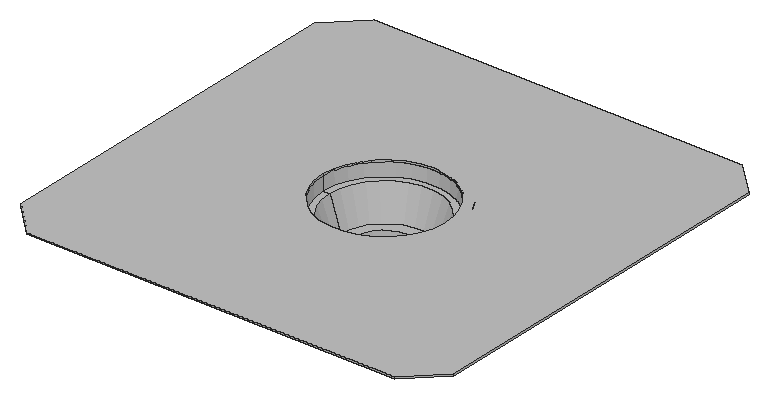
Revit family "482062001(1)", category Generic Models, host Floor, Revit 2019
Family settings
  Host = Floor
  Can host rebar = No
  Always vertical = Yes
  Cut with Voids When Loaded = No
  Shared = Yes
  Room Calculation Point = No
Parameters (values of type "482062001")
  SUPPLIER = "KOERO"
  NT = "Balcony transit and drain wastes"
  NN = "PLUVETTA®MET LODEN SLAB"
  NBSYN = "$CNSORDERNO.($LODLEVEL.)"
  NB = "482062001(1)"
  Model = "482062001"
  Manufacturer = "KOERO"
  MIdent = "{$CADENAS_DATA/23d-libs/koero/pluvetta/pluvetta_met_loden_slab.prj},194 {VTYP=3D},{NB=482062001(1)},{LINA=482062001},{NN=PLUVETTA®MET LODEN SLAB},{DATE=23.04.2020 08:29:08},{GEOMDATE=22.04.2020 12:13:00},{VERSION=},{LINEID=60},{WBVAR=LODLEVEL},{WBNUMERIC=LODLEVEL}  {NB=482062001(1)},{LINA=482062001},{KT=DUMMY},{CNSORDERNO=482062001},{LODLEVEL=1},{BEZ=Zonder rooster, met loodslab 33 x 33cm, 18 ponds (=ca. 1,6 mm dik), Stortkoker Ø 90 mm},{D=108},{D1=94},{D2=0},{H=0},{H1=95},{INFO=PDF Catalog},{HTML=Product page},{INFOPAGE=pluvetta_90},{INFOPATH=pluvetta_90_nl.pdf},{HTML1=https://debeer-sanitair.nl/maattekeningen/pluvetta/},{S=60.0},{VER=1},{X=3},{H2=10}"
  LODLEVEL = "300"
  LINA = "482062001"
  INFO = "PDF Catalog"
  HTML = "Product page"
  H1 = 95 mm
  H = 0 mm
  Description = "Balcony transit and drain wastes"
  D2 = 0 mm
  D1 = 94 mm
  D = 108 mm
  CREATOR = "CADENAS GmbH"
  CNSORDERNO = "482062001"
  CATALOG = "König & Ronneberger"
  BOMINFO = "LINA"
  BEZ = "Zonder rooster, met loodslab 33 x 33cm, 18 ponds (=ca. 1,6 mm dik), Stortkoker Ø 90 mm"
  ARTICLENO = "NB"
Reference planes
  plane 1 "Center (Front/Back)": y = 0
  plane 2: z = 0
  plane 3 "Center (Left/Right)": x = 0
Forms (mm)
  Extrusion 1, void
    sketch origin (0, 0, -95) x (-1, 0, 0) y (0, -1, 0)
      loop
        line (-0.5, -0.5) -> (0.5, -0.5) -> (0.5, 0.5) -> (-0.5, 0.5) -> (-0.5, -0.5)
    from 0 to 1
  Extrusion 2, void
    sketch origin (-81.489, 0, -85.924) x (0.017452, 0, -0.999848) y (0, 1, 0)
      loop
        line (-0.5, -0.5) -> (0.5, -0.5) -> (0.5, 0.5) -> (-0.5, 0.5) -> (-0.5, -0.5)
    from 0 to 1
Dimensions and locks
  locked: Extrusion 1 to plane 2 at 94
  locked: Extrusion 1 to plane 2 at 95
  aligned and locked: level to plane 2
Nested families
  nested 1: "482062001(1)_content" at (0, 0, 0), type "482062001(1)_Content"
Connectors
  hvac at (0, 0, 0)
    settings: on host floor, index 1, duct flow 0.0 L/s, flow factor 0, pres drop 0.0 Pa, loss coef 0, conn angle 0.00°, conn width 304.8 mm, conn height 304.8 mm, conn diameter 94 mm, duct sys type 29, conn prof type 0, flow config 0, flow direction 1, loss method 0, conn ref index -1, conn util no, is conn primary yes, conn desc ""
  hvac at (0, 0, -95)
    settings: on Extrusion 1, index 2, duct flow 0.0 L/s, flow factor 0, pres drop 0.0 Pa, loss coef 0, conn angle 0.00°, conn width 304.8 mm, conn height 304.8 mm, conn diameter 60 mm, duct sys type 29, conn prof type 0, flow config 0, flow direction 2, loss method 0, conn ref index -1, conn util no, is conn primary no, conn desc ""
  hvac at (-81.489, 0, -85.924)
    settings: on Extrusion 2, index 3, duct flow 0.0 L/s, flow factor 0, pres drop 0.0 Pa, loss coef 0, conn angle 0.00°, conn width 304.8 mm, conn height 304.8 mm, conn diameter 0 mm, duct sys type 29, conn prof type 0, flow config 0, flow direction 2, loss method 0, conn ref index -1, conn util no, is conn primary no, conn desc ""
Definition of nested family "482062001(1)_content"
  Parameters (values of type "482062001(1)_Content")
    SUPPLIER = "KOERO"
    NT = "Balcony transit and drain wastes"
    NN = "PLUVETTA®MET LODEN SLAB"
    NBSYN = "$CNSORDERNO.($LODLEVEL.)"
    NB = "482062001(1)"
    Model = "482062001"
    Manufacturer = "KOERO"
    LODLEVEL = "300"
    LINA = "482062001"
    INFO = "PDF Catalog"
    HTML = "Product page"
    H1 = 95 mm
    H = 0 mm
    Description = "Balcony transit and drain wastes"
    Default Elevation = 1219.2 mm
    D2 = 0 mm
    D1 = 94 mm
    D = 108 mm
    CREATOR = "CADENAS GmbH"
    CNSORDERNO = "482062001"
    CATALOG = "König & Ronneberger"
    BOMINFO = "LINA"
    BEZ = "Zonder rooster, met loodslab 33 x 33cm, 18 ponds (=ca. 1,6 mm dik), Stortkoker Ø 90 mm"
    ARTICLENO = "NB"
  Reference planes
    plane 1 "Center (Front/Back)": y = 0
    plane 2: z = 0
    plane 3 "Center (Left/Right)": x = 0
  Forms (mm)
    Revolve 1, solid, detail levels medium+fine
      sketch origin (0, 0, 0) x (-1, 0, 0) y (0, 0, -1)
        loop
          line (-54, 6) -> (-54, 0) -> (-47, 0) -> (-46.5, 10) -> (-41.5, 10) -> (-33.35, 34.45) -> (-25, 34.45) -> (-21, 95) -> (-24, 95) -> (-27.633, 40) -> (-39, 40) -> (-43, 37) -> (-42.5, 30) -> (-44, 30) -> (-44, 28) -> (-41, 25) -> (-44, 16) -> (-53, 15) -> (-53, 13) -> (-50, 10) -> (-50, 6) -> (-54, 6)
        axis (0, 95) -> (0, 0)
      angle from -360 to 0
    Extrusion 2, solid, detail levels medium+fine
      sketch origin (0, 0, 0) x (-1, 0, 0) y (0, -1, 0)
        loop
          line (-165, -140.251) -> (-140.251, -165) -> (140.251, -165) -> (165, -140.251) -> (165, 140.251) -> (140.251, 165) -> (-140.251, 165) -> (-165, 140.251) -> (-165, -140.251)
        loop
          circle (0, 0) r 47
      from 0 to 5
    Extrusion 3, void, detail levels medium+fine
      sketch origin (0, 0, 0) x (-1, 0, 0) y (0, 0, -1)
        loop
          line (-170, -11.3) -> (170, -11.3) -> (170, -1.3) -> (-170, -1.3) -> (-170, -11.3)
      from -170 to 170
    Extrusion 4, solid, detail levels coarse
      sketch origin (0, 0, -95) x (1, 0, 0) y (0, 1, 0)
        loop
          line (-165, -165) -> (165, -165) -> (165, 165) -> (-165, 165) -> (-165, -165)
      from 0 to 96.3
  Cuts and joins
    Extrusion 3 cuts Revolve 1
    Extrusion 3 cuts Extrusion 2
  Dimensions and locks
    aligned and locked: level to plane 2
